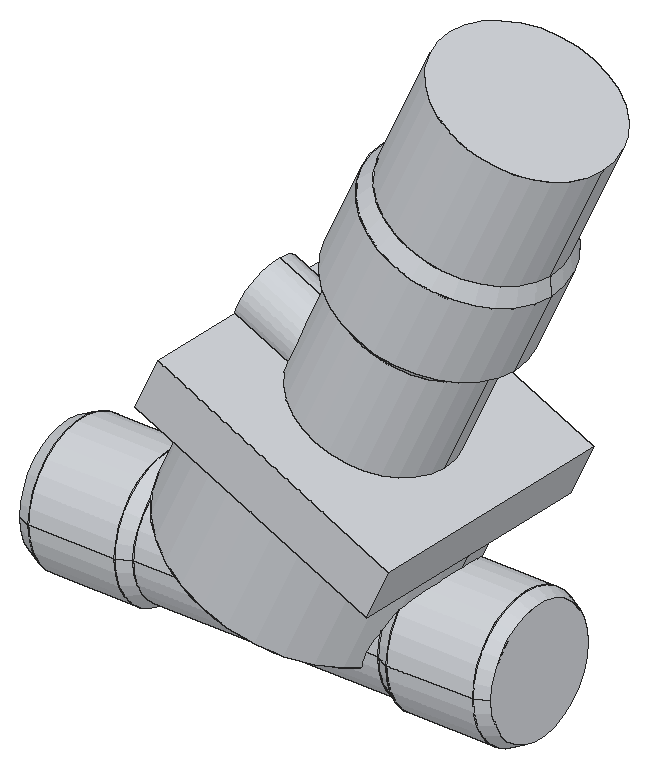
Revit family "OPTIMA_Compact_P_MM_DN20_5,0_RFA_2019", category Pipe Accessories, Revit 2019
Family settings
  Round Connector Dimension = Use Diameter
  Part Type = Valve - Breaks Into
  Work Plane-Based = No
  Always vertical = Yes
  Cut with Voids When Loaded = No
  Shared = No
Parameters (values of type "OPTIMA Compact P DN20 M-M 5.0mm")
  magiProductId = "2f6d325ab3f64974a2f7ca30c30193"
  magiProductFamilyId = "5ce2593e541b4756b7958a6220b877"
  magiPartTypeId = 304
  isMeasuringValve [instance] = no
  ang2D [instance] = 0.00°
  Z6 = 5 mm
  Z5 = 91 mm
  Z4 = 18.303 mm
  Z3 = 13 mm
  Z2 = 8.022 mm
  Z1 = 16.845 mm
  X2 = 12.8 mm
  X1 = 16.8 mm
  W2D = 20 mm
  VersionID = "2.0/2019.5.23.1/FRESE_OPTIMA-P_201"
  VIS0 = no
  Use Minimum Symbol Size [instance] = no
  URL = "www.hydronic.cz"
  Type Comments = "vnější závit; PN25; 0~120°C, dpmax=800kPa; bez měřicích vsuvek"
  TLT2 = 35 mm
  TL = 70 mm
  R7 = 5 mm
  R5 = 13.794 mm
  R4 = 12.54 mm
  R3 = 11.4 mm
  R2__ve = -R2  # -19 mm
  R2 = 19 mm
  R1 = 9 mm
  QmdConnectorList = "301;D;302;D"
  Productdata [instance] = ""
  Manufacturer = "Hydronic Systems Prague s.r.o."
  MC Product Code = "53-4105  (3/4\" M-M; 5.0mm; Qmin~Qmax při dps=5kPa = 198~1032 l/h; Qmin~Qmax při dps=10kPa = 156~809 l/h; kvs=2,7)"
  MC Piping Given Pressure Drop [instance] = 0.0 Pa
  MC Enable LOD 350 = no
  MC Enable LOD 200 = no
  MC Constant Outlet Pressure [instance] = 0.0 Pa
  LLDONLY = not(BBVIS)  # yes
  LLDAndHLD = and(or(LLDONLY, MC Enable LOD 350), not(BBVIS))  # yes
  L4 = 13.435 mm
  L3 = 19 mm
  L2D_Min = 30.48 mm
  L2D = 36.4 mm
  L2 = 44.42 mm
  L = 36.4 mm
  HH = 80.215 mm
  H = 83 mm
  ENBL350 = and(MC Enable LOD 350, not(BBVIS))  # no
  Description = "Armatura pro regulaci průtoku, omezení průtoku a stabilizaci tlakové diference"
  DT2 = 10 mm
  D = 20 mm
  CAT = no
  BBVIS = MC Enable LOD 200  # no
Types (4, lengths in mm): name | magiProductId | Z5 | X2 | X1 | W2D | TLT2 | TL | R1 | MC Product Code | L2D | L | DT2 | D
  OPTIMA Compact P DN15 M-M 2.5mm | "e2c6e2867cb04e20b310fc655d8e25" | 88.5 | 10.5 | 14.5 | 15 | 32.5 | 65 | 6.75 | "53-4100  (1/2\" M-M; 2.5mm; Qmin~Qmax při dps=5kPa = 93~482 l/h; Qmin~Qmax při dps=10kPa = 73~378 l/h; kvs=1,3)" | 36 | 36 | 7.5 | 15
  OPTIMA Compact P DN15 M-M 5.0mm | "de010cba6d924babace2e100200bd1" | 88.5 | 10.5 | 14.5 | 15 | 32.5 | 65 | 6.75 | "53-4102  (1/2\" M-M; 5.0mm; Qmin~Qmax při dps=5kPa = 198~1032 l/h; Qmin~Qmax při dps=10kPa = 156~809 l/h; kvs=2,7)" | 36 | 36 | 7.5 | 15
  OPTIMA Compact P DN20 M-M 2.5mm | "9b3b796f370b421c8a31739fcad6d9" | 91 | 12.8 | 16.8 | 20 | 35 | 70 | 9 | "53-4103  (3/4\" M-M; 2.5mm; Qmin~Qmax při dps=5kPa = 93~482 l/h; Qmin~Qmax při dps=10kPa = 73~378 l/h; kvs=1,3)" | 36.4 | 36.4 | 10 | 20
  OPTIMA Compact P DN20 M-M 5.0mm | "2f6d325ab3f64974a2f7ca30c30193" | 91 | 12.8 | 16.8 | 20 | 35 | 70 | 9 | "53-4105  (3/4\" M-M; 5.0mm; Qmin~Qmax při dps=5kPa = 198~1032 l/h; Qmin~Qmax při dps=10kPa = 156~809 l/h; kvs=2,7)" | 36.4 | 36.4 | 10 | 20
Reference planes
  plane 1 "Center (Front/Back)": y = 0
  plane 2 "XYPLANE": z = 0
  plane 3 "Center (Left/Right)": x = 0
  plane 4 "100": y = -19
  plane 5 "99": y = 19
  plane 6 "98": x = 44.42
  plane 7 "94": through (-654.382, 0, 375.613) normal (0.4226, 0, 0.9063)
  plane 8 "92": through (-655.439, 0, 373.347) normal (0.4226, 0, 0.9063)
  plane 9 "86": z = -10
  plane 10 "76": through (305.901, 0, 683.957) normal (0.9063, 0, -0.4226)
  plane 11 "60": through (-660.933, 0, 361.565) normal (0.4226, 0, 0.9063)
  plane 12 "57": through (-661.99, 0, 359.299) normal (0.4226, 0, 0.9063)
  plane 13 "55": through (-669.109, 0, 344.032) normal (0.4226, 0, 0.9063)
  plane 14 "52": through (-668.263, 0, 345.845) normal (0.4226, 0, 0.9063)
  plane 15 "48": through (-672.499, 0, 336.762) normal (0.4226, 0, 0.9063)
  plane 16 "47": y = -19
  plane 17 "46": y = 19
  plane 18 "45": through (332.184, 0, 671.701) normal (0.9063, 0, -0.4226)
  plane 19 "44": through (297.744, 0, 687.761) normal (0.9063, 0, -0.4226)
  plane 20 "40": through (-682.576, 0, 315.151) normal (0.4226, 0, 0.9063)
  plane 21 "38": through (-679.618, 0, 321.495) normal (0.4226, 0, 0.9063)
  plane 22 "37": y = 0
  plane 23 "36": through (314.964, 0, 679.731) normal (0.9063, 0, -0.4226)
  plane 24 "32": x = 33
  plane 25 "31": x = 20.2
  plane 26 "30": x = 18.2
  plane 27 "19": x = -18.2
  plane 28 "18": x = -20.2
  plane 29 "12": x = -33
  plane 30 "6": x = 35
  plane 31 "5": x = -35
  plane 32 "3": z = 0
  plane 33 "2": y = 0
  plane 34 "33XY": through (-681.731, 0, 316.964) normal (0.4226, 0, 0.9063)
  plane 35 "33XZ": y = 0
  plane 36 "33YZ": through (314.964, 0, 679.731) normal (0.9063, 0, -0.4226)
Forms (mm)
  Extrusion 1, solid, visible <- "BBVIS"
    sketch origin (-750, 0, -10) x (1, 0, 0) y (0, 1, 0)
      loop
        line (715, 19) -> (715, -19) -> (794.42, -19) -> (794.42, 19) -> (715, 19)
    from 0 to 91 <- "Z5"
  Extrusion 2, solid, visible <- "LLDAndHLD"
    sketch origin (-654.382, 0, 375.613) x (0.906308, 0, -0.422618) y (0, 1, 0)
      loop
        circle (750, 0) r 12.54
    from 0 to 18.303 <- "Z4"
  Blend 3, solid, visible <- "LLDAndHLD"
    base sketch origin (-655.439, 0, 373.347) x (0.906308, 0, -0.422618) y (0, 1, 0)
      loop
        circle (750, 0) r 13.794
    top sketch origin (-655.439, 0, 373.347) x (0.906308, 0, -0.422618) y (0, 1, 0)
      loop
        circle (750, 0) r 12.54
    from 0 to 2.5
  Extrusion 4, solid, visible <- "LLDAndHLD"
    sketch origin (-660.933, 0, 361.565) x (0.906308, 0, -0.422618) y (0, 1, 0)
      loop
        circle (750, 0) r 13.794
    from 0 to 13 <- "Z3"
  Blend 5, solid, visible <- "LLDAndHLD"
    base sketch origin (-661.99, 0, 359.299) x (0.906308, 0, -0.422618) y (0, 1, 0)
      loop
        circle (750, 0) r 11.4
    top sketch origin (-661.99, 0, 359.299) x (0.906308, 0, -0.422618) y (0, 1, 0)
      loop
        circle (750, 0) r 12.54
    from 0 to 2.5
  Extrusion 6, solid, visible <- "LLDAndHLD"
    sketch origin (-669.109, 0, 344.032) x (0.906308, 0, -0.422618) y (0, 1, 0)
      loop
        circle (750, 0) r 11.4
    from 0 to 16.845 <- "Z1"
  Extrusion 7, solid, visible <- "LLDAndHLD"
    sketch origin (314.964, 0, 679.731) x (-0.422618, 0, -0.906308) y (0, 1, 0)
      loop
        circle (718.133, 0) r 5
    from 0 to -19 <- "R2__ve"
  Extrusion 8, solid, visible <- "LLDAndHLD"
    sketch origin (-672.499, 0, 336.762) x (0.906308, 0, -0.422618) y (0, 1, 0)
      loop
        line (731, 19) -> (731, -19) -> (769, -19) -> (769, 19) -> (731, 19)
    from 0 to 8.022 <- "Z2"
  Blend 9, solid, visible <- "LLDAndHLD"
    base sketch origin (-682.576, 0, 315.151) x (0.906308, 0, -0.422618) y (0, 1, 0)
      loop
        circle (740, 0) r 9
    top sketch origin (-682.576, 0, 315.151) x (0.906308, 0, -0.422618) y (0, 1, 0)
      loop
        circle (750, 0) r 19
    from 0 to 7
  Extrusion 10, solid, visible <- "LLDAndHLD"
    sketch origin (-679.618, 0, 321.495) x (0.906308, 0, -0.422618) y (0, 1, 0)
      loop
        circle (750, 0) r 19
    from 0 to 16.845 <- "Z1"
  Extrusion 11, solid, visible <- "LLDAndHLD"
    sketch origin (-18.2, -750, 0) x (0, 1, 0) y (0, 0, 1)
      loop
        circle (750, 0) r 9
    from 0 to 36.4 <- "L"
  Blend 12, solid, visible <- "LLDAndHLD"
    base sketch origin (18.2, -750, 0) x (0, 1, 0) y (0, 0, 1)
      loop
        circle (750, 0) r 9
    top sketch origin (18.2, -750, 0) x (0, 1, 0) y (0, 0, 1)
      loop
        circle (750, 0) r 10
    from 0 to 2
  Extrusion 13, solid, visible <- "LLDAndHLD"
    sketch origin (20.2, -750, 0) x (0, 1, 0) y (0, 0, 1)
      loop
        circle (750, 0) r 10
    from 0 to 12.8 <- "X2"
  Blend 14, solid, visible <- "LLDAndHLD"
    base sketch origin (35, -750, 0) x (0, 1, 0) y (0, 0, 1)
      loop
        circle (750, 0) r 9
    top sketch origin (35, -750, 0) x (0, 1, 0) y (0, 0, 1)
      loop
        circle (750, 0) r 10
    from 0 to -2
  Blend 15, solid, visible <- "LLDAndHLD"
    base sketch origin (-18.2, -750, 0) x (0, 1, 0) y (0, 0, 1)
      loop
        circle (750, 0) r 9
    top sketch origin (-18.2, -750, 0) x (0, 1, 0) y (0, 0, 1)
      loop
        circle (750, 0) r 10
    from 0 to -2
  Extrusion 16, solid, visible <- "LLDAndHLD"
    sketch origin (-33, -750, 0) x (0, 1, 0) y (0, 0, 1)
      loop
        circle (750, 0) r 10
    from 0 to 12.8 <- "X2"
  Blend 17, solid, visible <- "LLDAndHLD"
    base sketch origin (-35, -750, 0) x (0, 1, 0) y (0, 0, 1)
      loop
        circle (750, 0) r 9
    top sketch origin (-35, -750, 0) x (0, 1, 0) y (0, 0, 1)
      loop
        circle (750, 0) r 10
    from 0 to 2
  Extrusion 18, solid, not visible
    sketch origin (18.2, -750, 0) x (0, 1, 0) y (0, 0, 1)
      loop
        circle (750, 0) r 10
    from 0 to -10
  Extrusion 19, solid, not visible
    sketch origin (-18.2, -750, 0) x (0, 1, 0) y (0, 0, 1)
      loop
        circle (750, 0) r 10
    from 0 to 10
Lines and regions (mm)
  reference lines, not visible
    curve 1: circle (2, 2, 0) r 1 normal (0, 0, 1)
Dimensions and locks
  plane 1 "Center (Front/Back)" to curve 1 = 2 mm
  "R2": plane 1 "Center (Front/Back)" to plane 4 "100"
  "R2": plane 1 "Center (Front/Back)" to plane 5 "99"
  "L2": plane 3 "Center (Left/Right)" to plane 6 "98"
  locked: plane 8 "92" to plane 7 "94" at 2.5
  "Z3": plane 11 "60" to plane 8 "92"
  "DT2": plane 2 "XYPLANE" to plane 9 "86"
  locked: plane 36 "33YZ" to plane 10 "76" at 10
  locked: plane 12 "57" to plane 11 "60" at 2.5
  "Z1": plane 13 "55" to plane 12 "57"
  "Z2": plane 15 "48" to plane 13 "55"
  locked: plane 13 "55" to plane 14 "52" at 2
  "Z1": plane 21 "38" to plane 15 "48"
  "R2": plane 35 "33XZ" to plane 16 "47"
  "R2": plane 35 "33XZ" to plane 17 "46"
  "R2": plane 36 "33YZ" to plane 18 "45"
  "R2": plane 36 "33YZ" to plane 19 "44"
  locked: plane 34 "33XY" to plane 20 "40" at 2
  locked: plane 34 "33XY" to plane 21 "38" at 5
  locked: plane 35 "33XZ" to plane 22 "37"
  locked: plane 36 "33YZ" to plane 23 "36"
  "X2": plane 25 "31" to plane 24 "32"
  locked: plane 26 "30" to plane 25 "31" at 2
  "L": plane 27 "19" to plane 26 "30"
  locked: plane 28 "18" to plane 27 "19" at 2
  "X2": plane 29 "12" to plane 28 "18"
  locked: plane 31 "5" to plane 29 "12" at 2
  locked: plane 24 "32" to plane 30 "6" at 2
  "TLT2": plane 3 "Center (Left/Right)" to plane 31 "5"
  locked: plane 2 "XYPLANE" to plane 32 "3"
  locked: plane 1 "Center (Front/Back)" to plane 33 "2"
  Extrusion 1 sketch curve to Extrusion 1 sketch curve = 0 mm  (x8)
  Extrusion 8 sketch curve to Extrusion 8 sketch curve = 0 mm  (x8)
  "R4": radius of Extrusion 2 sketch curve
  "R4": radius of Blend 3 sketch curve
  "R5": radius of Blend 3 sketch curve
  "R5": radius of Extrusion 4 sketch curve
  "R4": radius of Blend 5 sketch curve
  "R3": radius of Blend 5 sketch curve
  "R3": radius of Extrusion 6 sketch curve
  "R7": radius of Extrusion 7 sketch curve
  "R2": radius of Blend 9 sketch curve
  "R1": radius of Blend 9 sketch curve
  "R2": radius of Extrusion 10 sketch curve
  "R1": radius of Extrusion 11 sketch curve
  "DT2": radius of Blend 12 sketch curve
  "R1": radius of Blend 12 sketch curve
  "DT2": radius of Extrusion 13 sketch curve
  "DT2": radius of Blend 14 sketch curve
  "R1": radius of Blend 14 sketch curve
  "DT2": radius of Blend 15 sketch curve
  "R1": radius of Blend 15 sketch curve
  "DT2": radius of Extrusion 16 sketch curve
  "DT2": radius of Blend 17 sketch curve
  "R1": radius of Blend 17 sketch curve
  aligned and locked: level to plane 2 "XYPLANE"
  aligned and locked: Extrusion 1 sketch curve to plane 31 "5"
  aligned and locked: plane 5 "99" to Extrusion 1 sketch curve  (x2)
  aligned and locked: plane 4 "100" to Extrusion 1 sketch curve  (x2)
  aligned and locked: plane 31 "5" to Extrusion 1 sketch curve
  aligned and locked: plane 6 "98" to Extrusion 1 sketch curve  (x2)
  aligned and locked: plane 22 "37" to Extrusion 2 sketch curve
  aligned and locked: Extrusion 2 sketch curve to plane 23 "36"
  aligned and locked: plane 22 "37" to Blend 3 sketch curve  (x2)
  aligned and locked: Blend 3 sketch curve to plane 23 "36"  (x2)
  aligned and locked: plane 7 "94" to Blend 3
  aligned and locked: plane 22 "37" to Extrusion 4 sketch curve
  aligned and locked: Extrusion 4 sketch curve to plane 23 "36"
  aligned and locked: plane 22 "37" to Blend 5 sketch curve  (x2)
  aligned and locked: Blend 5 sketch curve to plane 23 "36"  (x2)
  aligned and locked: plane 11 "60" to Blend 5
  aligned and locked: plane 22 "37" to Extrusion 6 sketch curve
  aligned and locked: Extrusion 6 sketch curve to plane 23 "36"
  aligned and locked: plane 14 "52" to Extrusion 7 sketch curve
  aligned and locked: plane 22 "37" to Extrusion 7 sketch curve
  aligned and locked: Extrusion 8 sketch curve to plane 19 "44"  (x2)
  aligned and locked: plane 17 "46" to Extrusion 8 sketch curve  (x2)
  aligned and locked: Extrusion 8 sketch curve to plane 16 "47"
  aligned and locked: Extrusion 8 sketch curve to plane 18 "45"
  aligned and locked: plane 16 "47" to Extrusion 8 sketch curve
  aligned and locked: plane 18 "45" to Extrusion 8 sketch curve
  aligned and locked: plane 22 "37" to Blend 9 sketch curve  (x2)
  aligned and locked: Blend 9 sketch curve to plane 23 "36"
  aligned and locked: Blend 9 sketch curve to plane 10 "76"
  aligned and locked: plane 21 "38" to Blend 9
  aligned and locked: plane 22 "37" to Extrusion 10 sketch curve
  aligned and locked: Extrusion 10 sketch curve to plane 23 "36"
  aligned and locked: plane 32 "3" to Extrusion 11 sketch curve
  aligned and locked: Extrusion 11 sketch curve to plane 33 "2"
  aligned and locked: plane 32 "3" to Blend 12 sketch curve  (x2)
  aligned and locked: Blend 12 sketch curve to plane 33 "2"  (x2)
  aligned and locked: plane 25 "31" to Blend 12
  aligned and locked: plane 32 "3" to Extrusion 13 sketch curve
  aligned and locked: Extrusion 13 sketch curve to plane 33 "2"
  aligned and locked: plane 32 "3" to Blend 14 sketch curve  (x2)
  aligned and locked: Blend 14 sketch curve to plane 33 "2"  (x2)
  aligned and locked: Blend 14 to plane 24 "32"
  aligned and locked: plane 32 "3" to Blend 15 sketch curve  (x2)
  aligned and locked: Blend 15 sketch curve to plane 33 "2"  (x2)
  aligned and locked: Blend 15 to plane 28 "18"
  aligned and locked: plane 32 "3" to Extrusion 16 sketch curve
  aligned and locked: Extrusion 16 sketch curve to plane 33 "2"
  aligned and locked: plane 32 "3" to Blend 17 sketch curve  (x2)
  aligned and locked: Blend 17 sketch curve to plane 33 "2"  (x2)
  aligned and locked: plane 29 "12" to Blend 17
  aligned and locked: plane 32 "3" to Extrusion 18 sketch curve
  aligned and locked: Extrusion 18 sketch curve to plane 33 "2"
  aligned and locked: plane 32 "3" to Extrusion 19 sketch curve
  aligned and locked: Extrusion 19 sketch curve to plane 33 "2"
Automatic sketch dimensions
  plane 4 "100" to Extrusion 18 sketch curve = 9 mm
  plane 4 "100" to Extrusion 19 sketch curve = 9 mm
  plane 3 "Center (Left/Right)" to curve 1 = 2 mm
  radius of curve 1 = 1 mm
Nested families
  nested 1: "1_RadialArray" at (10.622, 0, 27.068) x (0.6409, 0.7071, -0.2988) z (0.4226, 0, 0.9063), L1 <- "L3", type "Family2"
    with StartAngle 0.00°, NumberOfObjects 4, ModelLinesVisible no, L1 19 mm, H 5 mm, DN 10 mm, ArcAngle 360.00°
Connectors
  piping at (-18.2, 0, 0), diameter 20, driven by "D"
    settings: on Extrusion 19, index 1, connector inside diameter 609.6 mm, connector length 0 mm, flow factor 0, pipe flow 0.0 L/s, pressure drop 0.0 Pa, fitting loss kfactor 0, connector angle 0.00°, fixture units 0, engagement length 0 mm, angle of deflection 0.00°, flow configuration 0, flow direction 0, fitting loss method 0, system type 29, joint type 0, gender type 0, connector reference index 2, connector utility 0, adjustable connector no, is connector primary yes, connector description ""
  piping at (18.2, 0, 0), diameter 20, driven by "D"
    settings: on Extrusion 18, index 2, connector inside diameter 609.6 mm, connector length 0 mm, flow factor 0, pipe flow 0.0 L/s, pressure drop 0.0 Pa, fitting loss kfactor 0, connector angle 0.00°, fixture units 0, engagement length 0 mm, angle of deflection 0.00°, flow configuration 0, flow direction 0, fitting loss method 0, system type 29, joint type 0, gender type 0, connector reference index 1, connector utility 0, adjustable connector no, is connector primary no, connector description ""
